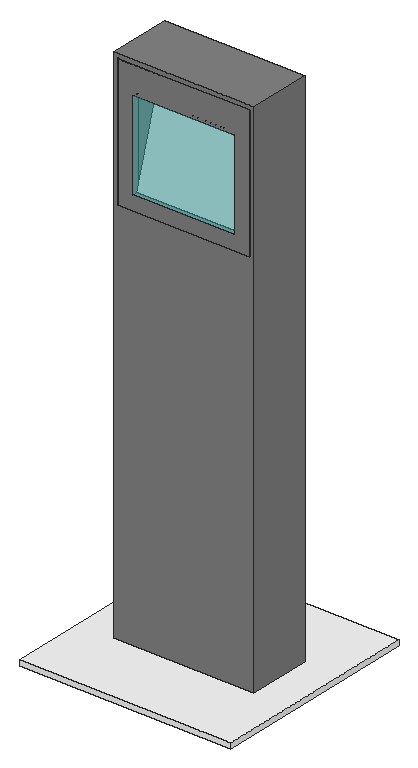
Revit family "BE_84413_de_DE", category Leuchten, Revit 2020
Family settings
  Basisbauteil = Fläche
  Bemaßung runder Anschluss = Durchmesser verwenden
  Teiletyp = Normal
  Beim Laden mit Abzugskörper schneiden = Ja
  Lichtquelle = Ja
  Gemeinsam genutzt = Nein
  Raumberechnungspunkt = Ja
Parameters (values of type "BEGA_84413_Grafit_K4")
  built-in parameter 1150104 = 18.581 (stored number, unit not read)
  Wattage = 11.6 W
  Default Elevation = 0 mm
  built-in parameter 1150113 = 1 (stored number, unit not read)
  built-in parameter 1114218 = 1 (stored number, unit not read)
  Umgebungstemperatur = "25 °C"
  URL = "https://www.bega.com/de/produkt/84413"
  Typenkommentare = "© 2022 BEGA. Wir behalten uns das Recht vor, technische Änderungen ohne vorherige Ankündigung vorzunehmen."  # constant formula
  Type Image = 84413.png
  built-in parameter 1150134 = 12
  built-in parameter 1150109 = 1 (stored number, unit not read)
  Strom = ""
  built-in parameter 1150110 = 1 (stored number, unit not read)
  Spannung = 239.996 V
  Sonderanfertigung = no
  Seriennummer [instance] = "Hier können Sie die eindeutige Seriennummer für das Facility Management eintragen."
  Schutzklasse = "I"
  Schutzart = "IP 65"
  Scheinlast = 0 VA
  Produktdatenblatt = "https://cdn.bega.com/bega/products/84413K3/current/documents/data-sheets/de"
  Neigungswinkel = 0.00°
  Modell = "84413K4"
  Material_17 = BEGA_Reflektor
  Material_15 = BEGA_Leuchtmedium_matt
  Material_09 = BEGA_Glas_klar
  Material_01 [instance] = BEGA_Oberfläche_Grafit_matt
  M_W = no
  M_G = yes
  M_A = no
  Logo = 0
  built-in parameter 1114217 = 1 (stored number, unit not read)
  built-in parameter 1150139 = (empty or 0)
  built-in parameter 1150105 = 184.62 (stored number, unit not read)
  built-in parameter 1150114 = 1 (stored number, unit not read)
  Lumens = 2320 lm
  built-in parameter 1150115 = 1 (stored number, unit not read)
  Leuchtenlichtstrom = "1763 lm"
  Leuchtenanzahl = ""
  Lebensdauerkriterien = "L70B50 @ 25 °C = 200000 h"
  Lastklassifizierung = Beleuchtung
  built-in parameter 1150112 = 1 (stored number, unit not read)
  Lampenlichtstrom = "2320 lm"
  Lampe = "LED 11.6 W"
  LED_Modulbezeichnung = "LED-0758/840"
  built-in parameter 1150142 = (empty or 0)
  Hersteller = "BEGA"  # constant formula
  Halbstreuwinkel = ""
  Gewicht = "15.5 kg"
  Frequenz = "0/50-60 Hz"
  Farbwiedergabeindex = "CRI > 80"
  Farbtemperaturverschiebung bei Dämpfen der Lampe = <Keine Auswahl>
  Farbtemperatur = "4000 K"
  Color Filter = 16777215
  built-in parameter 1150133 = 10 (stored number, unit not read)
  Energieeffizienzklasse = "LED A++ - A"
  built-in parameter 1150137 = (empty or 0)
  built-in parameter 1150132 = (empty or 0)
  ENEC = "ja"
  Datei für fotometrisches Netz = "BE_84413K4.IES"
  CE_Konformität = "ja"
  Bestellnummer_Erdstück [instance] = "---"
  Bestellnummer = "84413K4"
  Beschreibung_Sonderanfertigung = "Hier können Sie Informationen zur Sonderanfertigung eintragen."
  Beschreibung = "Pollerleuchte"
  built-in parameter 1150106 = 1.8462 (stored number, unit not read)
  Befestigungsbohrung = "Ø 9 mm"
  Befestigungsabstand = "220 mm"
  Ballwurfsicher = ""
  BEGA_Intern_aus = yes
  BEGA_Intern_an = yes
  BEGA_Intern_Konstruktion = yes
  BEGA_Intern = yes
  BEGA_Infotext_Winkel [instance] = no
  BEGA_Dummy = no
  Anschlussleitung = "0.5 m"
  Anschlussleistung [instance] = "13.5 W"
  Anschlusskasten = ""
  built-in parameter 1150107 = 4000 (stored number, unit not read)
  built-in parameter 1150102 = (empty or 0)
  built-in parameter 1150138 = (empty or 0)
  Aktualisierung = "2022-05-19T04:00:07"
  Abstand_zur_angestrahlten_Fläche [instance] = ""
  AC/DC = "AC/DC"
Types (2, lengths in mm): name | built-in parameter 1150104 | built-in parameter 1150134 | Modell | built-in parameter 1150105 | Lumens | Leuchtenlichtstrom | Lampenlichtstrom | LED_Modulbezeichnung | Farbtemperatur | Datei für fotometrisches Netz | Bestellnummer | built-in parameter 1150106 | built-in parameter 1150107
  BEGA_84413_Grafit_K3 | 18.06 (stored number, unit not read) | (empty or 0) | "84413K3" | 179.45 (stored number, unit not read) | 2255.04 lm | "1713 lm" | "2255 lm" | "LED-0758/830" | "3000 K" | "BE_84413K3.IES" | "84413K3" | 1.7945 (stored number, unit not read) | 3000 (stored number, unit not read)
  BEGA_84413_Grafit_K4 | 18.581 (stored number, unit not read) | 12 | "84413K4" | 184.62 (stored number, unit not read) | 2320 lm | "1763 lm" | "2320 lm" | "LED-0758/840" | "4000 K" | "BE_84413K4.IES" | "84413K4" | 1.8462 (stored number, unit not read) | 4000 (stored number, unit not read)
Reference planes
  plane 1 "Mitte (Vorne/Hinten)": y = 0
  plane 2: z = 0
  plane 3 "Mitte (Links/Rechts)": x = 0
  plane 4 "Links": x = -134
  plane 5 "Rechts": x = 134
  plane 6 "Unten": y = -60.637
  plane 7 "Oben": y = 60.75
  plane 8 "Vorne": z = 1000.208
  plane 9 "Hinten": z = 0
Forms (mm)
  Extrusion 1, solid, material "BEGA_Platte_Weiss"
    sketch origin (0, -1119.2, 0) x (1, 0, 0) y (0, 1, 0)
      loop
        line (-200, 1319.2) -> (-200, 919.2) -> (200, 919.2) -> (200, 1319.2) -> (-200, 1319.2)
    from 0 to -10
  Extrusion 2, solid, material "BEGA_Dummy_matt", visible <- "BEGA_Dummy"
    sketch origin (80.095, -76.023, 0) x (1, 0, 0) y (0, 1, 0)
      loop
        line (-214.095, 136.773) -> (-214.095, 15.386) -> (53.905, 15.386) -> (53.905, 136.773) -> (-214.095, 136.773)
    from 0 to 1000.208
Dimensions and locks
  plane 1 "Mitte (Vorne/Hinten)" to Extrusion 1 = 200 mm
  aligned and locked: Extrusion 1 to plane 2
  aligned and locked: Extrusion 1 to level
Nested families
  nested 1: "BE_84413" at (0, 0, 0), type "BE_84413"
Connectors
  electrical at (0, 0, 0), driven by "Lastklassifizierung", driven by "Spannung", driven by "Scheinlast"
    settings: index 1, voltage 239.996 V, apparent load 0 VA, apparent load phase1 0 VA, apparent load phase2 0 VA, apparent load phase3 0 VA, power factor 1, load classification "Beleuchtung", number of poles 1, system type 31, power factor state 1, is connector primary yes, connector utility no, sub classification motor no, connector description ""
Definition of nested family "BE_84413"
  Parameters (values of type "BE_84413")
    Default Elevation = 1 mm
    URL = "http://www.bega.de/de/produkt"
    Type Comments = "© 2015 BEGA. Wir behalten uns das Recht vor, technische Änderungen ohne vorherige Ankündigung vorzunehmen. "  # constant formula
    Type Image = (empty or 0)
    Material_17 = none
    Material_15 = none
    Material_09 = none
    Material_01 = none
    M_W = yes
    M_G = yes
    M_A = yes
    Länge_Platte = 400 mm  # constant formula
    Höhe_Platte = -10 mm  # constant formula
    Manufacturer = "BEGA"  # constant formula
    Breite_Platte = 400 mm  # constant formula
  Reference planes
    plane 1 "Mitte (Oben/Unten)": y = 0
    plane 2: z = 0
    plane 3 "Mitte (Links/Rechts)": x = 0
    plane 4: x = -134
    plane 5: y = 60.75
    plane 6: x = 134
    plane 7: y = -60.75
    plane 8: z = 1000.208
  Forms (mm)
    Extrusion 1, solid, detail levels medium
      sketch origin (0, 0, 0) x (1, 0, 0) y (0, 1, 0)
        loop
          line (-200, 200) -> (-200, -200) -> (200, -200) -> (200, 200) -> (-200, 200)
      from 0 to -10 <- "Höhe_Platte"
    Extrusion 2, solid, material <- "Material_01"
      sketch origin (0, 0, 0) x (1, 0, 0) y (0, 1, 0)
        loop
          line (-134, 60.75) -> (-134, -60.75) -> (134, -60.75) -> (134, 60.75) -> (-134, 60.75)
      from 0 to 1000.208
    Extrusion 3, void
      sketch origin (1.542, 0, 150.602) x (1, 0, 0) y (0, 0, -1)
        loop
          line (95.967, -809.088) -> (95.967, -618.389) -> (-99.033, -618.389) -> (-99.033, -809.088) -> (95.967, -809.088)
      from -60.75 to 10.69
    Extrusion 4, void
      sketch origin (0, 0, 0) x (1, 0, 0) y (0, 0, -1)
        loop
          line (125.5, -992) -> (125.5, -741) -> (-125.5, -741) -> (-125.5, -992) -> (125.5, -992)
      from -60.75 to -49.31
    Extrusion 5, solid, material <- "Material_01"
      sketch origin (0, 0, 0) x (1, 0, 0) y (0, 0, -1)
        loop
          line (125.096, -991.6) -> (125.096, -741.404) -> (-125.1, -741.404) -> (-125.1, -991.6) -> (125.096, -991.6)
        loop
          line (97.509, -938.797) -> (97.509, -768.991) -> (-97.491, -768.991) -> (-97.491, -938.797) -> (97.509, -938.797)
      from -60.75 to -49.31
    Extrusion 6, solid, material <- "Material_09"
      sketch origin (0.752, 0, 156.392) x (1, 0, 0) y (0, 0, -1)
        loop
          line (96.757, -782.405) -> (96.757, -612.6) -> (-98.243, -612.6) -> (-98.243, -782.405) -> (96.757, -782.405)
      from -60.75 to -49.31
    Extrusion 7, solid, material <- "Material_17"
      sketch origin (0, 0, 0) x (0, 1, 0) y (0, 0, 1)
        loop
          line (-51.85, 937.671) -> (-51.85, 941.34) -> (-52.35, 942.054) -> (-52.35, 938.191)
          arc (-52.35, 938.191) -> (-51.996, 937.476) -> (-51.213, 937.323) r 0.9
          line (-51.213, 937.323) -> (-17.447, 946.372) -> (-18.612, 946.577) -> (-51.85, 937.671)
        loop
          line (-0.85, 945.486) -> (-0.85, 938.986) -> (-52.35, 770.537) -> (-51.685, 771.003) -> (-0.35, 938.911) -> (-0.35, 944.772) -> (-0.85, 945.486)
      from -97.491 to 97.509
    Extrusion 8, solid, material <- "Material_15"
      sketch origin (0, 0, 0) x (0, 1, 0) y (0, 0, 1)
        loop
          line (-16.45, 948.51) -> (-16.45, 946.06) -> (9.55, 946.06) -> (9.55, 948.51) -> (-16.45, 948.51)
      from -97.491 to 97.509
  Cuts and joins
    Extrusion 3, Extrusion 4 cuts Extrusion 2
  Dimensions and locks
    equal spacing: Extrusion 1 sketch curve, plane 3 "Mitte (Links/Rechts)", Extrusion 1 sketch curve
    equal spacing: Extrusion 1 sketch curve, plane 1 "Mitte (Oben/Unten)", Extrusion 1 sketch curve
    "Länge_Platte": Extrusion 1 sketch curve to Extrusion 1 sketch curve
    "Breite_Platte": Extrusion 1 sketch curve to Extrusion 1 sketch curve
    aligned and locked: Extrusion 1 to plane 2
    aligned and locked: level to Extrusion 1
  Automatic sketch dimensions
    Extrusion 2 sketch curve to plane 3 "Mitte (Links/Rechts)" = 134 mm
    plane 3 "Mitte (Links/Rechts)" to Extrusion 2 sketch curve = 134 mm
    plane 1 "Mitte (Oben/Unten)" to Extrusion 2 sketch curve = 60.75 mm
    Extrusion 2 sketch curve to plane 1 "Mitte (Oben/Unten)" = 60.75 mm
    Extrusion 3 sketch curve to plane 3 "Mitte (Links/Rechts)" = 97.491 mm
    plane 3 "Mitte (Links/Rechts)" to Extrusion 3 sketch curve = 97.509 mm
    level to Extrusion 3 sketch curve = 959.69 mm
    Extrusion 3 sketch curve to Extrusion 3 sketch curve = 190.699 mm
    Extrusion 4 sketch curve to plane 3 "Mitte (Links/Rechts)" = 125.5 mm
    plane 3 "Mitte (Links/Rechts)" to Extrusion 4 sketch curve = 125.5 mm
    level to Extrusion 4 sketch curve = 992 mm
    Extrusion 4 sketch curve to Extrusion 4 sketch curve = 251 mm
    Extrusion 5 sketch curve to plane 3 "Mitte (Links/Rechts)" = 125.1 mm
    Extrusion 5 sketch curve to Extrusion 5 sketch curve = 27.609 mm
    plane 3 "Mitte (Links/Rechts)" to Extrusion 5 sketch curve = 97.509 mm
    Extrusion 5 sketch curve to Extrusion 5 sketch curve = 27.587 mm  (x2)
    level to Extrusion 5 sketch curve = 991.6 mm
    Extrusion 5 sketch curve to Extrusion 5 sketch curve = 52.803 mm
    Extrusion 5 sketch curve to Extrusion 5 sketch curve = 169.806 mm
    Extrusion 6 sketch curve to plane 3 "Mitte (Links/Rechts)" = 97.491 mm
    plane 3 "Mitte (Links/Rechts)" to Extrusion 6 sketch curve = 97.509 mm
    level to Extrusion 6 sketch curve = 938.797 mm
    Extrusion 6 sketch curve to Extrusion 6 sketch curve = 169.806 mm
    plane 7 to Extrusion 7 sketch curve = 8.4 mm  (x2)
    Extrusion 7 sketch curve to Extrusion 7 sketch curve = 0.237 mm
    plane 1 "Mitte (Oben/Unten)" to Extrusion 7 sketch curve = 17.447 mm
    plane 1 "Mitte (Oben/Unten)" to Extrusion 7 sketch curve = 0.85 mm
    Extrusion 7 sketch curve to plane 8 = 62.885 mm
    Extrusion 7 sketch curve to Extrusion 7 sketch curve = 1.663 mm
    Extrusion 7 sketch curve to Extrusion 7 sketch curve = 6.5 mm
    Extrusion 7 sketch curve to Extrusion 7 sketch curve = 0.886 mm
    Extrusion 7 sketch curve to Extrusion 7 sketch curve = 0.665 mm
    Extrusion 7 sketch curve to Extrusion 7 sketch curve = 0.4 mm
    Extrusion 7 sketch curve to Extrusion 7 sketch curve = 1.165 mm
    plane 1 "Mitte (Oben/Unten)" to Extrusion 7 sketch curve = 0.35 mm
    Extrusion 7 sketch curve to Extrusion 7 sketch curve = 0.466 mm
    Extrusion 7 sketch curve to Extrusion 7 sketch curve = 0.52 mm
    Extrusion 7 sketch curve to Extrusion 7 sketch curve = 3.669 mm
    Extrusion 7 sketch curve to Extrusion 7 sketch curve = 0.714 mm  (x2)
    Extrusion 7 sketch curve to Extrusion 7 sketch curve = 0.205 mm
    Extrusion 7 sketch curve to Extrusion 7 sketch curve = 0.5 mm
    Extrusion 7 sketch curve to Extrusion 7 sketch curve = 0.075 mm
    Extrusion 7 sketch curve to Extrusion 7 sketch curve = 166.786 mm
    plane 1 "Mitte (Oben/Unten)" to Extrusion 8 sketch curve = 16.45 mm
    Extrusion 8 sketch curve to plane 1 "Mitte (Oben/Unten)" = 9.55 mm
    Extrusion 8 sketch curve to plane 8 = 54.148 mm
    Extrusion 8 sketch curve to Extrusion 8 sketch curve = 2.45 mm
